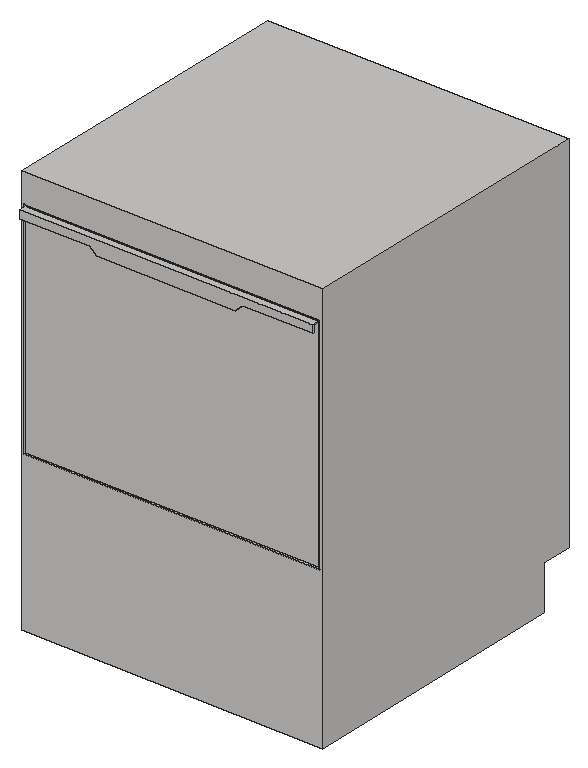
Revit family "QF_ELECTROLUXPROFESSIONAL_400260_ELA3GTL6", category Specialty Equipment, Revit 2018
Family settings
  Round Connector Dimension = Use Diameter
  Part Type = Normal
  Work Plane-Based = No
  Always vertical = Yes
  Cut with Voids When Loaded = No
  Shared = No
  Room Calculation Point = No
Parameters
  Weight = 60.00 kg
  Watts = 0 W
  Volts = 0 V
  URL Manufacturer = ""
  URL = "http://professional.electrolux.com/"
  Steam Supply Size = 0 mm
  Steam Supply Minimum Pressure = 0.0 Pa
  Steam Supply Maximum Pressure = 0.0 Pa
  Steam Pounds per Hour = 0
  Show Logo [instance] = yes
  Show Clearance [instance] = yes
  Refrigeration Suction Line Size = 0 mm
  Refrigeration Liquid Line Size = 0 mm
  Refrigerant Compressor Remote = yes
  Manufacturer = ""
  Phase = 0
  Model = ""
  Length Actual = 600 mm  # constant formula
  Item Number = ""
  Hot Water Size = 0 mm
  Height Actual = 820 mm  # constant formula
  HP = "7.2 HP"
  Gas Size = 0 mm
  Gas KW = 0
  Gas Input Pressure = 0 W
  Direct Waste Size = 40 mm
  Description = ""
  Depth Actual = 648 mm  # constant formula
  Cycle = 0 Hz
  Condensate Return Size = 0 mm
  Compressed Air Volume = 0.0 L/s
  Compressed Air Size = 0 mm
  Compressed Air Pressure = 0.0 Pa
  Cold Water Size = 0 mm
  Accessory = yes
Types (2, lengths in mm): name | Volts | URL Manufacturer | URL | Manufacturer | Phase | Model | Item Number | Hot Water Size | Description | Cycle
  (no name) | 0 V | "" | "http://professional.electrolux.com/" | "" | 0 | "" | "" | 0 | "" | 0 Hz
  Standard | 230 V | "http://professional.electrolux.com" | "http://professional.electrolux.com" | "Electrolux Professional" | 3 | "ELA3GTL6" | "400260" | 19.05 | "UNDERCOUNTER(L), WASH-SAFE, 3PH, DP, DD, 720D/H, 60HZ - THERMAL LABEL" | 60 Hz
Reference planes
  plane 1 "Center (Front/Back)": y = 0
  plane 2: z = 0
  plane 3 "Center (Left/Right)": x = 0
  plane 4 "LEFT": x = -300
  plane 5 "RIGHT": x = 300
  plane 6 "FRONT": y = -306
  plane 7 "BACK": y = 306
  plane 8: x = -202.5
  plane 9: x = 202.5
  plane 10: z = 830
  plane 11: z = 10
Forms (mm)
  Extrusion 1, solid, material "QF_Finishes_Stainless Steel"
    sketch origin (0, 0, 0) x (1, 0, 0) y (0, 1, 0)
      loop
        line (-300, -306) -> (300, -306) -> (300, 245) -> (-300, 245) -> (-300, -306)
    from 10 to 830
  Extrusion 2, solid, material "QF_Finishes_Stainless Steel"
    sketch origin (0, 0, 0) x (1, 0, 0) y (0, 1, 0)
      loop
        line (-300, 245) -> (300, 245) -> (300, 306) -> (-300, 306) -> (-300, 245)
    from 100 to 830
  Extrusion 3, solid, material "QF_Finishes_Stainless Steel"
    sketch origin (0, 17.5, 0) x (1, 0, 0) y (0, 1, 0)
      loop
        circle (-254, 167.5) r 12.5
      loop
        circle (254, 167.5) r 12.5
      loop
        circle (-254, -263.5) r 12.5
      loop
        circle (254, -263.5) r 12.5
    from 0 to 10
  Extrusion 4, void
    sketch origin (-300, -306, 0) x (-1, 0, 0) y (0, 0, 1)
      loop
        line (-5, 773.217) -> (-595, 773.217) -> (-595, 327.335) -> (-5, 327.335) -> (-5, 773.217)
    from 0 to 30
  Extrusion 5, solid, material "QF_Finishes_Stainless Steel"
    sketch origin (-259, -389, 768) x (0, 0, -1) y (1, 0, 0)
      loop
        circle (693, 143) r 10
    from -634 to -695
  Extrusion 6, solid, material "QF_Door-Drawer Clearances", visible <- "Show Clearance", detail levels coarse
    sketch origin (-230, -282.5, 0) x (0, 1, 0) y (0, 0, -1)
      loop
        line (-23.5, -330.419) -> (-391.5, -330.419)
        arc (-391.5, -330.419) -> (-290.693, -619.855) -> (-23.5, -770) r 432.894
        line (-23.5, -770) -> (-23.5, -330.419)
    from 61.197 to -521.306
  Extrusion 7, solid, material "QF_Finishes_Stainless Steel"
    sketch origin (-315.481, -389, 738) x (0, 0, -1) y (1, 0, 0)
      loop
        circle (663, 252.481) r 8
    from -634 to -695
  Extrusion 8, solid, material "QF_Finishes_Stainless Steel"
    sketch origin (-230, -282.5, 0) x (0, 1, 0) y (0, 0, -1)
      loop
        line (-23.5, -330.419) -> (-23.5, -770) -> (1.5, -770) -> (1.5, -330.419) -> (-23.5, -330.419)
    from 61.197 to -521.306
  Extrusion 9, solid, material "QF_Finishes_Stainless Steel"
    sketch origin (-230, -297.5, 0) x (0, 1, 0) y (0, 0, -1)
      loop
        line (-8.5, -770) -> (-8.5, -767.514) -> (-21, -767.514) -> (-21, -741.25) -> (-23.5, -741.25) -> (-23.5, -770) -> (-8.5, -770)
    from 61.197 to -521.306
  Extrusion 10, void
    sketch origin (-230, -321, 770) x (0, 0, 1) y (1, 0, 0)
      loop
        line (-15.552, -61.197) -> (-15.552, 77.909) -> (-28.75, 91.107) -> (-28.75, -61.197) -> (-15.552, -61.197)
      loop
        line (-15.552, 521.197) -> (-28.75, 521.197) -> (-28.75, 368.893) -> (-15.552, 382.091) -> (-15.552, 521.197)
    from 0 to 2.5
  Extrusion 11, solid, material "QF_Finishes_Stainless Steel"
    sketch origin (-295.988, 885.897, 763.79) x (0, -1, 0) y (1, 0, 0)
      loop
        circle (611.5, 158) r 8
    from -663.79 to -673.79
Cuts and joins
  Extrusion 4 cuts Extrusion 1
  joined: Extrusion 1, Extrusion 2
  Extrusion 10 cuts Extrusion 8
  Extrusion 10 cuts Extrusion 9
Lines and regions (mm)
  Split face 1
    outline origin (-300, -306, 830) x (0, 0, -1) y (1, 0, 0)
      loop
        line (21.579, 283.75) -> (39.683, 283.75) -> (39.683, 316.25) -> (21.579, 316.25) -> (21.579, 283.75)
  Split face 2
    outline origin (-300, -306, 830) x (0, 0, -1) y (1, 0, 0)
      loop
        line (56.783, 595) -> (56.783, 600)
      loop
        arc (56.783, 412.5) -> (28.391, 440.891) -> (0, 412.5) r 28.391
  symbolic lines
    curve 1: line (-300, 306, 0) -> (300, 306, 0)
    curve 2: line (-300, -306, 0) -> (-300, 306, 0)
    curve 3: line (300, -306, 0) -> (-300, -306, 0)
    curve 4: line (300, 306, 0) -> (300, -306, 0)
    curve 9: line (-291.197, -306, 0) -> (-291.197, -321, 0)
    curve 10: line (291.306, -321, 0) -> (291.306, -306, 0)
    curve 11: line (-291.197, -321, 0) -> (291.306, -321, 0)
  symbolic lines, style "QF_Door-Drawer Clearances"
    curve 5: line (-291.197, -674, 0) -> (291.306, -674, 0)
    curve 6: line (291.306, -674, 0) -> (291.306, -306, 0)
    curve 7: line (-291.197, -674, 0) -> (-291.197, -306, 0)
  symbolic lines, style "SpecialityEquipmentHiddenLines"
    curve 8: line (-300, 245, 0) -> (300, 245, 0)
Dimensions and locks
  equal spacing: plane 4 "LEFT", plane 3 "Center (Left/Right)", plane 5 "RIGHT"
  equal spacing: plane 7 "BACK", plane 1 "Center (Front/Back)", plane 6 "FRONT"
  plane 7 "BACK" to plane 6 "FRONT" = 612 mm
  plane 4 "LEFT" to plane 5 "RIGHT" = 600 mm
  plane 4 "LEFT" to plane 8 = 97.5 mm
  plane 9 to plane 5 "RIGHT" = 97.5 mm
  plane 11 to level = 10 mm
  plane 4 "LEFT" to plane 3 "Center (Left/Right)" = 300 mm
  plane 10 to level = 830 mm  (x2)
  plane 8 to plane 9 = 405 mm
  Extrusion 11 sketch curve to plane 4 "LEFT" = 162.012 mm
  level to Extrusion 5 sketch curve = 75 mm
  Extrusion 5 sketch curve to plane 4 "LEFT" = 184 mm
  Extrusion 7 sketch curve to plane 4 "LEFT" = 237 mm
  level to Extrusion 7 sketch curve = 75 mm
  Extrusion 3 to cut or joined group of Extrusion 1, Extrusion 2, Extrusion 4 = 121 mm
  Extrusion 3 to Extrusion 3 = 431 mm
  plane 6 "FRONT" to Extrusion 3 = 60 mm
  plane 9 to plane 8 = 405 mm
  plane 7 "BACK" to curve 5 = 980 mm
  cut or joined group of Extrusion 1, Extrusion 2, Extrusion 4 to level = 327.335 mm
  aligned and locked: level to plane 2
  aligned and locked: Extrusion 1 sketch curve to plane 6 "FRONT"
  aligned and locked: Extrusion 1 sketch curve to plane 4 "LEFT"
  aligned and locked: plane 5 "RIGHT" to Extrusion 1 sketch curve
  aligned and locked: Extrusion 1 to plane 11
  aligned and locked: Extrusion 2 sketch curve to Extrusion 1
  aligned and locked: plane 5 "RIGHT" to Extrusion 2 sketch curve
  aligned and locked: plane 11 to Extrusion 3
  aligned and locked: cut or joined group of Extrusion 9, Extrusion 10 to Extrusion 10
Automatic sketch dimensions
  Extrusion 1 sketch curve to plane 7 "BACK" = 61 mm
  Extrusion 3 sketch curve to plane 8 = 51.5 mm  (x2)
  plane 9 to Extrusion 3 sketch curve = 51.5 mm  (x2)
  plane 6 "FRONT" to Extrusion 3 sketch curve = 60 mm  (x2)
  Extrusion 3 sketch curve to plane 7 "BACK" = 121 mm  (x2)
  Extrusion 4 sketch curve to Extrusion 1 = 5 mm  (x2)
  Extrusion 4 sketch curve to Extrusion 1 = 317.335 mm
  Extrusion 4 sketch curve to Extrusion 1 = 56.783 mm
  plane 6 "FRONT" to Extrusion 8 sketch curve = 0 mm
  Extrusion 8 sketch curve to Extrusion 8 sketch curve = 25 mm
  Extrusion 9 sketch curve to plane 6 "FRONT" = 15 mm
  Extrusion 9 sketch curve to Extrusion 9 sketch curve = 2.5 mm
  Extrusion 9 sketch curve to Extrusion 9 sketch curve = 12.5 mm
  Extrusion 9 sketch curve to plane 10 = 60 mm
  Extrusion 9 sketch curve to Extrusion 9 sketch curve = 2.486 mm
  Extrusion 9 sketch curve to Extrusion 9 sketch curve = 26.264 mm
  Extrusion 2 sketch curve to Extrusion 2 sketch curve = 61 mm
  Split face 1 sketch curve to cut or joined group of Extrusion 1, Extrusion 2, Extrusion 4 = 21.579 mm
  Split face 1 sketch curve to Split face 1 sketch curve = 18.104 mm
  Split face 1 sketch curve to cut or joined group of Extrusion 1, Extrusion 2, Extrusion 4 = 278.75 mm
  Split face 1 sketch curve to Split face 1 sketch curve = 32.5 mm
  plane 11 to Extrusion 8 sketch curve = 320.419 mm
  Extrusion 8 sketch curve to plane 10 = 60 mm
  Extrusion 10 sketch curve to Extrusion 9 = 0 mm  (x2)
  Extrusion 9 to Extrusion 10 sketch curve = 0 mm
  Extrusion 10 sketch curve to Extrusion 9 = 13.198 mm  (x2)
  Extrusion 10 sketch curve to Extrusion 9 = 139.107 mm
  Extrusion 10 sketch curve to Extrusion 10 sketch curve = 13.198 mm  (x2)
  Extrusion 10 sketch curve to Extrusion 9 = 152.413 mm
  Extrusion 10 sketch curve to Extrusion 9 = 0.109 mm
  curve 3 to plane 4 "LEFT" = 0 mm
  curve 7 to plane 6 "FRONT" = 0 mm
  curve 4 to plane 5 "RIGHT" = 0 mm
  curve 2 to plane 7 "BACK" = 0 mm
  plane 4 "LEFT" to curve 5 = 8.803 mm
  curve 5 to plane 5 "RIGHT" = 8.694 mm
  plane 4 "LEFT" to curve 11 = 8.803 mm
  curve 10 to plane 5 "RIGHT" = 8.694 mm
  curve 11 to plane 6 "FRONT" = 15 mm
  curve 8 to plane 7 "BACK" = 61 mm
  Extrusion 2 sketch curve to plane 7 "BACK" = 0 mm
  Split face 2 sketch curve to cut or joined group of Extrusion 1, Extrusion 2, Extrusion 4 = 0 mm  (x5)
  Split face 2 sketch curve to cut or joined group of Extrusion 1, Extrusion 2, Extrusion 4 = 182.5 mm
  Extrusion 11 sketch curve to plane 7 "BACK" = 31.603 mm
  Extrusion 6 sketch curve to plane 6 "FRONT" = 0 mm
  plane 6 "FRONT" to Extrusion 6 sketch curve = 64.74 mm
  plane 11 to Extrusion 6 sketch curve = 331.974 mm
  Extrusion 6 sketch curve to Extrusion 6 sketch curve = 11.555 mm
  Extrusion 6 sketch curve to plane 6 "FRONT" = 368 mm
  radius of Extrusion 5 sketch curve = 10 mm
  radius of Extrusion 7 sketch curve = 8 mm
  radius of Extrusion 3 sketch curve = 12.5 mm  (x4)
  radius of Extrusion 11 sketch curve = 8 mm
Connectors
  piping at (-116, 306, 75), diameter 20
    settings: on Extrusion 5, index 1, connector inside diameter 609.6 mm, connector length 0 mm, flow factor 0, pipe flow 0.0 L/s, pressure drop 0.0 Pa, fitting loss kfactor 0, connector angle 0.00°, fixture units 0, engagement length 0 mm, angle of deflection 0.00°, flow configuration 1, flow direction 1, fitting loss method 0, system type 16, joint type 0, gender type 0, connector reference index -1, connector utility 0, adjustable connector no, is connector primary yes, connector description "Drain"
  piping at (-63, 306, 75), diameter 16
    settings: on Extrusion 7, index 3, connector inside diameter 609.6 mm, connector length 0 mm, flow factor 0, pipe flow 0.0 L/s, pressure drop 0.0 Pa, fitting loss kfactor 0, connector angle 0.00°, fixture units 0, engagement length 0 mm, angle of deflection 0.00°, flow configuration 1, flow direction 1, fitting loss method 0, system type 20, joint type 0, gender type 0, connector reference index -1, connector utility 0, adjustable connector no, is connector primary no, connector description "Cold Water Inlet"
  electrical at (-137.988, 274.397, 90), driven by "Volts"
    settings: on Extrusion 11, index 4, voltage 0 V, apparent load 0 VA, apparent load phase1 0 VA, apparent load phase2 0 VA, apparent load phase3 0 VA, power factor 1, load classification "Altro", number of poles 1, system type 31, power factor state 1, is connector primary yes, connector utility no, sub classification motor no, connector description "Electrical Connection"
